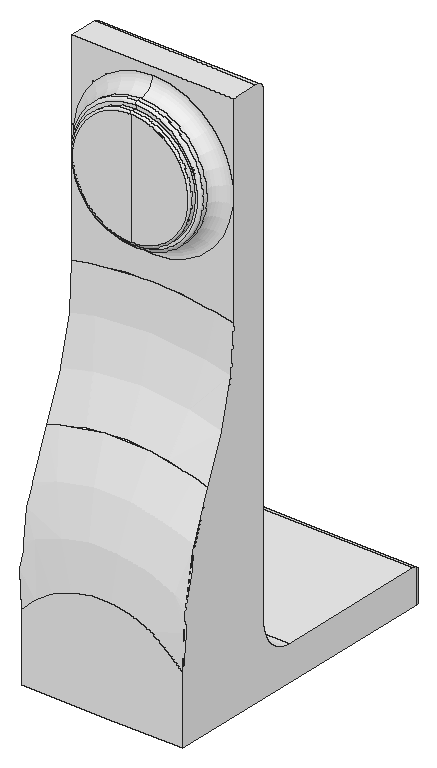
Revit family "Wall-Spout_Contemporary_Kiwami-Renesse_TS170E_TOTO", category Plumbing Fixtures, host Face, Revit 2013
Parameters
  ecoScorecard_data = " "
  ecoScorecard Product Page = "  "
  Width = 0' - 2.1811"  # constant formula
  Water Connection Radius = 0' - 0 1/4"
  Waste Connection Radius = 0' - 0"
  Waste Connection = no
  Warranty URL = "http://www.totousa.com/warranty-registration"
  Warranty = "Lifetime Limited Warranty (Residential Use); One Year Limited (Commercial Use)"
  WFU = 0
  Voltage = 0 V
  Vent Connection = no
  URL = "http://www.totousa.com"
  Toto BIM Number = "BM-00212"  # constant formula
  Tempered Water Connection Radius = 1/4"
  Subcategory = "Showers"  # constant formula
  Style = "Contemporary"  # constant formula
  Spec Sheet URL = "http://assets.totousa.com/product-files/SS-00029_TS170E.pdf"
  Sink Holes Applications = ""
  Shipping Weight = 3.00 lbf
  Series = "Kiwami Renesse"  # constant formula
  Product Page URL = " "
  Product Line = ""
  Owners Manual URL = "  "
  Number of Poles = 1
  Model = "TS170E"  # constant formula
  Manufacturer Toll Free Phone = "1-888-295-8134"  # constant formula
  Manufacturer Phone = "(770) 282-8686"  # constant formula
  Manufacturer Fax = "(770) 282-0002"  # constant formula
  Manufacturer Email = "mailto:custservice@totousa.com "
  Manufacturer Address = "1155 Southern Road, Morrow, Georgia 30260"  # constant formula
  Manufacturer = "TOTO USA, Inc."  # constant formula
  Installation URL = " "
  Hot Water Connection NPT Radius = 0' - 0"
  Height = 0' - 4.01575"  # constant formula
  HWFU = 0
  HW Connection = yes
  Frequency = 0 Hz
  Flow Rate = 0 GPM
  Flow Pressure = 0.00 psi
  Finish = Metal - TOTO - Chrome - Polished
  Description = "Wall Spout"
  Depth = 0' - 7 1/2"  # constant formula
  Default Elevation = 2' - 7"
  Current = 0 A
  Color Availability = "#CP Polished Chrome"
  CWFU = 0
  CW Connection = yes
  CAD Drawing URL = "http://assets.totousa.com/product-files/AD-00061_TS170E.dxf"
  Assembly Code = "D2010"
  Apparent Power = 0 VA
  ADA Compliant = no
  95 CSI = "15416"
  04 CSI = "22 41 39"
Reference planes (in)
  plane 1 "Center (Front/Back)": y = 0
  plane 2: z = 0
  plane 3 "Center (Left/Right)": x = 0
  plane 4: y = -0.70866
  plane 5: y = 3.30709
  plane 6: x = 1.09055
  plane 7: x = -1.09055
  plane 8: z = -0.12598
  plane 9: z = 7.5
  plane 10: z = 6.31496
Forms (in)
  Extrusion 1, solid, material "Metal - TOTO - Chrome - Polished" <- "Finish", detail levels fine
    sketch origin (0, 0, 0) x (1, 0, 0) y (0, 1, 0)
      loop
        circle (0, 0) r 0.25
    from 0 to -0.12598
  Extrusion 2, solid, material "Metal - TOTO - Chrome - Polished" <- "Finish"
    sketch origin (0, 0, 0) x (0, 1, 0) y (0, 0, 1)
      loop
        line (3.30709, 0) -> (3.30709, 0.35433)
        arc (3.30709, 0.35433) -> (3.27249, 0.43785) -> (3.18898, 0.47244) r 0.11811
        line (3.18898, 0.47244) -> (1.11024, 0.47244)
        arc (1.11024, 0.47244) -> (0.79009, 0.60505) -> (0.65748, 0.9252) r 0.45276
        line (0.65748, 0.9252) -> (0.65748, 7.38189)
        arc (0.65748, 7.38189) -> (0.62289, 7.46541) -> (0.53937, 7.5) r 0.11811
        line (0.53937, 7.5) -> (-1.31102, 7.5) -> (-1.31102, 0) -> (3.30709, 0)
    from -1.09055 to 1.09055
  Revolve 3, void
    sketch origin (0, 0, 0) x (0, 1, 0) y (0, 0, 1)
      loop
        line (0.15354, 4.90157) -> (0.15354, 7.7948) -> (-1.49606, 7.7948) -> (-1.49606, 0) -> (-0.70866, 0) -> (-0.70866, 1.42126)
        arc (-0.70866, 1.42126) -> (-0.59928, 2.31764) -> (-0.27756, 3.16142) r 3.72765
        arc (-0.27756, 3.16142) -> (0.04416, 4.00519) -> (0.15354, 4.90157) r 3.72765
      axis (-1.49606, 0) -> (0.15354, 0)
    angle from 90 to -90
  Revolve 4, solid, material "Metal - TOTO - Chrome - Polished" <- "Finish"
    sketch origin (0, 0, 0) x (0, 1, 0) y (0, 0, 1)
      loop
        line (0.15354, 6.31496) -> (0.15354, 7.40157)
        arc (0.15354, 7.40157) -> (0.09589, 7.26238) -> (-0.04331, 7.20472) r 0.19685
        line (-0.04331, 7.20472) -> (-0.10236, 7.20472)
        arc (-0.10236, 7.20472) -> (-0.1302, 7.19319) -> (-0.14173, 7.16535) r 0.03937
        line (-0.14173, 7.16535) -> (-0.14173, 7.12205) -> (-0.19685, 7.12205)
        arc (-0.19685, 7.12205) -> (-0.21634, 7.11398) -> (-0.22441, 7.09449) r 0.02756
        line (-0.22441, 7.09449) -> (-0.22441, 6.31496) -> (0.15354, 6.31496)
      axis (-0.22441, 6.31496) -> (0.15354, 6.31496)
    angle from 0 to 360
  Extrusion 5, void
    sketch origin (0, 0, 0) x (1, 0, 0) y (0, 1, 0)
      loop
        line (-1.0315, 3.34646) -> (-1.12992, 3.34646) -> (-1.12992, 3.24803) -> (-1.09055, 3.24803)
        arc (-1.09055, 3.24803) -> (-1.07325, 3.28979) -> (-1.0315, 3.30709) r 0.05906
        line (-1.0315, 3.30709) -> (-1.0315, 3.34646)
      loop
        line (1.0315, 3.34646) -> (1.0315, 3.30709)
        arc (1.0315, 3.30709) -> (1.07325, 3.28979) -> (1.09055, 3.24803) r 0.05906
        line (1.09055, 3.24803) -> (1.12992, 3.24803) -> (1.12992, 3.34646) -> (1.0315, 3.34646)
    from 0 to 0.47244
Cuts and joins
  Revolve 3 cuts Extrusion 1
  Revolve 3, Extrusion 5 cuts Extrusion 2
Lines and regions (in)
  Masking region 1
    outline origin (-60, 3.30709, 48) x (-1, 0, 0) y (0, 0, 1)
      loop
        line (-58.90945, -48) -> (-58.90945, -40.5) -> (-61.09055, -40.5) -> (-61.09055, -48) -> (-58.90945, -48)
  symbolic lines
    curve 1: line (-1.09055, 3.30709, 0.47244) -> (1.09055, 3.30709, 0.47244)
Dimensions and locks (in)
  locked: plane 4 to plane 1 "Center (Front/Back)" at 0.70866
  "Height": plane 5 to plane 4
  equal spacing: plane 7, plane 3 "Center (Left/Right)", plane 6
  "Width": plane 7 to plane 6
  locked: plane 1 "Center (Front/Back)" to Extrusion 1 sketch curve at 0
  locked: plane 3 "Center (Left/Right)" to Extrusion 1 sketch curve at 0
  locked: plane 2 to plane 8 at 0.12598
  "Depth": plane 9 to plane 2
  locked: Extrusion 2 sketch curve to plane 2 at 0.47244
  locked: plane 4 to Extrusion 2 sketch curve at 1.36614
  locked: Extrusion 2 sketch curve to plane 4 at 0.60236
  Revolve 3 sketch curve to plane 4 to Revolve 3 sketch curve = 0' - 0.7874" locked, 0' - 0.8622" locked
  locked: Revolve 3 sketch curve to plane 9 at 0.2948
  locked: plane 4 to Revolve 4 sketch curve at 0.48425
  locked: plane 4 to Revolve 4 sketch curve at 0.56693
  locked: plane 2 to curve 1 at 0.47244
  locked: plane 10 to plane 2 at 6.31496
  Extrusion 5 sketch curve to plane 6 to Extrusion 5 sketch curve = 0' - 0.05906" locked, 0' - 0.03937" locked
  Extrusion 5 sketch curve to plane 5 to Extrusion 5 sketch curve = 0' - 0.03937" locked, 0' - 0.05906" locked  (x2)
  Extrusion 5 sketch curve to plane 7 to Extrusion 5 sketch curve = 0' - 0.03937" locked, 0' - 0.05906" locked
  "Tempered Water Connection Radius": radius of Extrusion 1 sketch curve
  radius of Extrusion 2 sketch curve = 0' - 0.11811"  (x2)
  radius of Extrusion 2 sketch curve = 0' - 0.45276"
  locked: Revolve 3 to Revolve 3 (angle 180.00°)
  aligned and locked: plane 2 to host face
  aligned and locked: level to host face
  aligned and locked: Extrusion 1 to plane 8
  aligned and locked: plane 2 to Extrusion 1
  aligned and locked: Extrusion 2 sketch curve to plane 9
  aligned and locked: plane 5 to Extrusion 2 sketch curve
  aligned and locked: plane 2 to Extrusion 2 sketch curve
  aligned and locked: Extrusion 2 to plane 7
  aligned and locked: Extrusion 2 to plane 6
  aligned and locked: Revolve 3 sketch curve to plane 2
  aligned and locked: plane 4 to Revolve 3 sketch curve
  aligned and locked: plane 2 to Revolve 3 sketch curve
  aligned and locked: plane 3 "Center (Left/Right)" to Revolve 3 sketch curve
  aligned and locked: plane 10 to Revolve 4 sketch curve
  aligned and locked: plane 3 "Center (Left/Right)" to Revolve 4 sketch curve
  aligned and locked: Revolve 4 sketch curve to plane 10
  aligned and locked: Masking region 1 sketch curve to plane 9
  aligned and locked: plane 7 to Masking region 1 sketch curve
  aligned and locked: plane 6 to Masking region 1 sketch curve
  aligned and locked: plane 2 to Masking region 1 sketch curve
  aligned and locked: plane 7 to curve 1
  aligned and locked: plane 6 to curve 1
  aligned and locked: cut or joined group of Extrusion 2, Revolve 3, Extrusion 5 to plane 2
  aligned and locked: cut or joined group of Extrusion 2, Revolve 3, Extrusion 5 to cut or joined group of Extrusion 2, Revolve 3, Extrusion 5
  aligned and locked: plane 5 to Extrusion 5 sketch curve  (x2)
  aligned and locked: plane 6 to Extrusion 5 sketch curve
Automatic sketch dimensions
  host sketch curve to host sketch curve = 3' - 8.18325"
  host sketch curve to host sketch curve = 3' - 1.59875"
  plane 1 "Center (Front/Back)" to Revolve 3 sketch curve = 0' - 0.27756"
  Revolve 3 sketch curve to plane 5 = 0' - 0.89421"
  Revolve 3 sketch curve to Revolve 3 sketch curve = 0' - 0.28493"
  Revolve 3 sketch curve to plane 5 = 0' - 0.2881"
  Revolve 3 sketch curve to Revolve 3 sketch curve = 0' - 0"
  Revolve 3 sketch curve to plane 9 = 0' - 2.59843"
  Revolve 4 sketch curve to Revolve 4 sketch curve = 0' - 0.02756"
  Revolve 4 sketch curve to Revolve 4 sketch curve = 0' - 0.03937"
  plane 1 "Center (Front/Back)" to Revolve 4 sketch curve = 0' - 0.04331"
  Revolve 4 sketch curve to plane 9 = 0' - 0.40551"
  Revolve 4 sketch curve to Revolve 4 sketch curve = 0' - 0.04331"
Connectors (in)
  piping at (0, 0, -0.12598), driven by "Tempered Water Connection Radius", driven by "Flow Rate", driven by "Flow Pressure", driven by "CWFU"
    settings: on cut or joined group of Extrusion 1, Revolve 3, index 1, connector radius 1/4", flow factor 0, pipe flow 0 GPM, pressure drop 0.00 psi, fitting loss kfactor 0, connector angle 0.00°, fixture units 0, engagement length 0' - 0", flow configuration 3, flow direction 1, fitting loss method 4, system type 20, joint type 0, gender type 0, connector reference index -1, connector utility 0, adjustable connector no, is connector primary yes, fitting loss table "", connector description "Tempered Water Inlet Connection"
